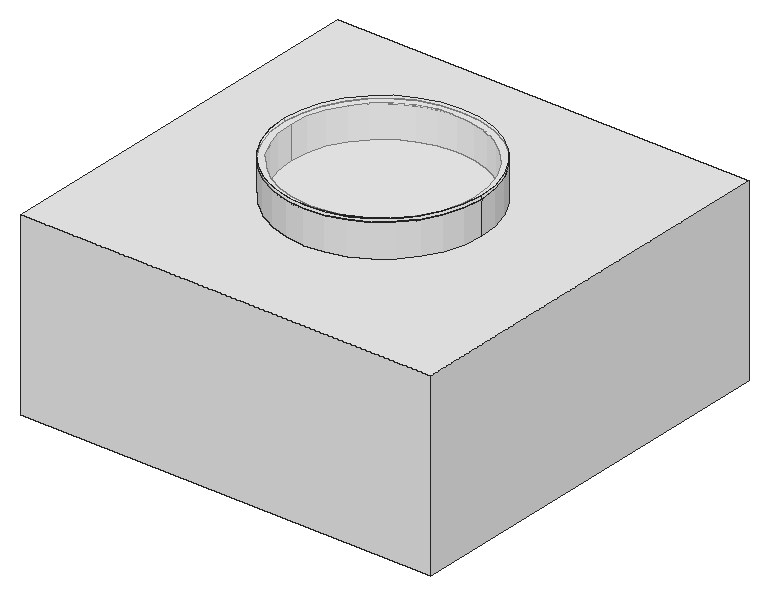
Revit family "Lighting-Recessed-Amerlux-E475RLW", category Lighting Fixtures, host Face, Revit 2014
Parameters (values of type "Trimless")
  Width = 10 1/16"
  Wattage = 9.2903 W
  built-in parameter 1150110 = 1 (stored number, unit not read)
  Voltage = 0 V
  URL = "http://www.amerlux.com/"
  Trim Size = 5 7/8"
  Trim [instance] = no
  built-in parameter 1114217 = 1 (stored number, unit not read)
  Tilt Angle = -90.00°
  built-in parameter 1150109 = 1 (stored number, unit not read)
  built-in parameter 1150134 = 3
  built-in parameter 1150113 = 1 (stored number, unit not read)
  Power Factor = 1
  Photometric Web File = "generic"
  Number of Poles = 1
  built-in parameter 1150142 = (empty or 0)
  Model Number = ""
  Model = "E475RW"
  Manufacturer = "Amerlux"
  built-in parameter 1150105 = 109.82 (stored number, unit not read)
  Lumens = 1380 lm
  built-in parameter 1150115 = 1 (stored number, unit not read)
  built-in parameter 1150137 = (empty or 0)
  built-in parameter 1150139 = (empty or 0)
  Length = 14 1/2"
  built-in parameter 1150112 = 1 (stored number, unit not read)
  built-in parameter 1150114 = 1 (stored number, unit not read)
  Lamp = "LED"
  built-in parameter 1150132 = (empty or 0)
  built-in parameter 1150102 = (empty or 0)
  built-in parameter 1150107 = 3200 (stored number, unit not read)
  built-in parameter 1150138 = (empty or 0)
  built-in parameter 1150106 = 1.0982 (stored number, unit not read)
  Emit from Circle Diameter = Aperture Size  # 4 3/4"
  Emit Shape Visible in Rendering = no
  built-in parameter 1150104 = 13.8 (stored number, unit not read)
  Dimming Lamp Color Temperature Shift = <None>
  Dimming = ""
  Description = "4.5\" Round Lensed Wallwash"
  Default Elevation = 48"
  Color Filter = 16777215
  built-in parameter 1114218 = 1 (stored number, unit not read)
  built-in parameter 1150133 = 10 (stored number, unit not read)
  Apparent Load = 0 VA
  Aperture Size = 4 3/4"
Types (3): name | Trim | Model
  (no name) | no | "E475RW"
  Trimless | no | "E475RW"
  Trim | yes | "E475RDW"
Reference planes (in)
  plane 1 "Center (Front/Back)": y = 0
  plane 2: z = 0
  plane 3 "Center (Left/Right)": x = 0
  plane 4: x = -7.25
  plane 5: x = 7.25
  plane 6: z = -5.375
  plane 7: y = 5.03125
  plane 8: y = -5.03125
Forms (in)
  Extrusion 1, solid, material "Housing"
    sketch origin (0, 0, 0) x (1, 0, 0) y (0, 1, 0)
      loop
        line (-5.16548, 5.03125) -> (-5.16548, -5.03125) -> (5.22568, -5.03125) -> (5.22568, 5.03125) -> (-5.16548, 5.03125)
    from -5.375 to -0.8255
  Extrusion 2, solid, material "Trim Finish", visible <- "Trim"
    sketch origin (0, 0, 0) x (1, 0, 0) y (0, 1, 0)
      loop
        circle (0, 0) r 2.9375
      loop
        circle (0, 0) r 2.375
    from 0 to 0.08709
  Extrusion 3, solid, material "Housing"
    sketch origin (0, 0, 0) x (1, 0, 0) y (0, 1, 0)
      loop
        circle (0, 0) r 2.34375
      loop
        circle (0, 0) r 2.5
    from -0.8255 to 0
  Extrusion 4, void
    sketch origin (0, 0, 0) x (1, 0, 0) y (0, 1, 0)
      loop
        circle (0, 0) r 2.34375
    from -0.8255 to 0.08709
  Extrusion 5, solid, material "Lens"
    sketch origin (0, 0, 0) x (1, 0, 0) y (0, 1, 0)
      loop
        circle (0, 0) r 2.5
    from 0 to 0.08709
Cuts and joins
  Extrusion 4 cuts Extrusion 2
Dimensions and locks (in)
  plane 6 to host face = 5 3/8"
  "Length": plane 4 to plane 5
  equal spacing: plane 7, plane 1 "Center (Front/Back)", plane 8
  equal spacing: plane 4, plane 3 "Center (Left/Right)", plane 5
  "Width": plane 7 to plane 8
  "Aperture Size": diameter of Extrusion 2 sketch curve
  "Trim Size": diameter of Extrusion 2 sketch curve
  aligned and locked: plane 2 to host face
  aligned and locked: level to host face
  aligned and locked: Extrusion 1 to plane 6
  aligned and locked: Extrusion 1 to plane 8
  aligned and locked: Extrusion 3 to Extrusion 1
  aligned and locked: level to Extrusion 3
  aligned and locked: plane 7 to Extrusion 1
  aligned and locked: cut or joined group of Extrusion 2, Extrusion 4 to Extrusion 5
Automatic sketch dimensions
  host sketch curve to host sketch curve = 54.51167"
  host sketch curve to host sketch curve = 52.40009"
  plane 4 to Extrusion 1 sketch curve = 2.08452"
  Extrusion 1 sketch curve to plane 5 = 2.02432"
  Extrusion 1 sketch curve to plane 8 = 0"
  Extrusion 1 sketch curve to plane 7 = 0"
  Extrusion 3 sketch curve to Extrusion 3 sketch curve = 0"  (x2)
  plane 1 "Center (Front/Back)" to Extrusion 3 sketch curve = 0"
  Extrusion 3 sketch curve to plane 3 "Center (Left/Right)" = 0"
  plane 1 "Center (Front/Back)" to Extrusion 4 sketch curve = 0"
  Extrusion 4 sketch curve to plane 3 "Center (Left/Right)" = 0"
  plane 1 "Center (Front/Back)" to Extrusion 5 sketch curve = 0"
  Extrusion 5 sketch curve to plane 3 "Center (Left/Right)" = 0"
  Extrusion 2 sketch curve to Extrusion 2 sketch curve = 0"  (x2)
  plane 1 "Center (Front/Back)" to Extrusion 2 sketch curve = 0"
  Extrusion 2 sketch curve to plane 3 "Center (Left/Right)" = 0"
  radius of Extrusion 3 sketch curve = 2 11/32"
  radius of Extrusion 3 sketch curve = 2 1/2"
  radius of Extrusion 4 sketch curve = 2 11/32"
  radius of Extrusion 5 sketch curve = 2 1/2"
Connectors (in)
  electrical at (0.0301, 0, -5.375), driven by "Number of Poles", driven by "Voltage", driven by "Apparent Load", driven by "Power Factor"
    settings: on Extrusion 1, index 1, voltage 0 V, apparent load 0 VA, apparent load phase1 0 VA, apparent load phase2 0 VA, apparent load phase3 0 VA, power factor 1, load classification "Other", number of poles 1, system type 31, power factor state 1, is connector primary yes, connector utility no, sub classification motor no, connector description "Power"
